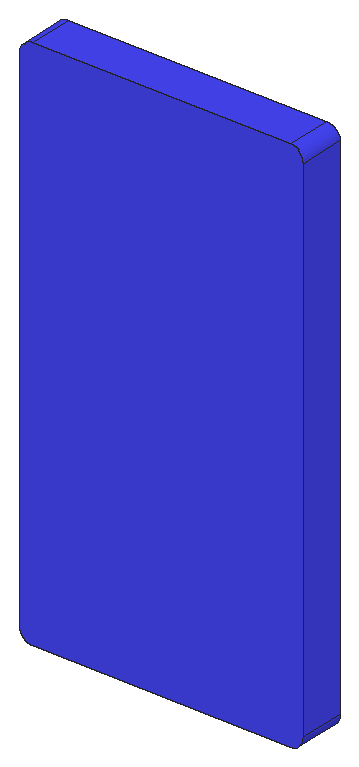
Revit family "Building-IEC309Connections-GEWISS-67IB-INTERLOCKED-SOCKET-OUTLETS_IP67_WITHOUT_BOTTOM_63A_FUS", category Apparecchi elettrici, host Muro, Revit 2016
Family settings
  Host = Muro
  Mantenere orientamento annotazione = Sì
  Tipo di parte = Normale
  Quota connettore circolare = Usa diametro
  Numero OmniClass = 23.80.50.14
  Titolo OmniClass = Plug Connectors
  Sempre verticale = Sì
  Taglio con vuoti quando caricato = No
  Condiviso = No
  Punto di calcolo locali = No
Parameters (values of type "GW66355N - 63A 3P+N+E 500V V.INT.SOCK.O.N.B.7H CBF")
  Working temperature = "-25 ÷ +40 °C"
  With back-mounting box = "No"
  Weight (kg) = "Max. 2.2 Kg"
  Weight = "Max. 2.2 Kg"
  Vista di pianta [instance] = yes
  Vetro = GEWISS - vetro
  Version file RFA = "18.0"
  URL = "https://www.gewiss.com/ww/en"
  Typology = "Vertical"
  Type of fuse = "Ø 22x58 mm"
  Tipo Simbolo = PRESAINDPFUS : 3P
  Thermo-pressure with ball = "125 °C"
  Technical sheet = "https://www.gewiss.com/ww/en/search?q=GW66355N"
  Struttura frontale = GEWISS -BLU
  Struttura = GEWISS - Grigio RAL - 7035
  Simbolo [instance] = yes
  Shock resistance = "IK08"
  SEO = "Socket outlet"
  Reference h = "7"
  Realized by GEWISS S.p.A. = ""
  Rated voltage: = "480 - 500 V"
  Rated voltage = "480 - 500 V"
  Rated short-circuit current (Icc) = "10KA"
  Rated insulation voltage (Ui) = "500V"
  Rated impulse withstand voltage = "4KV"
  Rated frequency (Hz) = "50/60 Hz"
  Rated current (In) = "63"
  Rated current (A) = "63"
  Protection = "Fuse-holder base (CBF)"
  Produttore = "GEWISS S.p.A."
  Presa = GEWISS - NERO
  Potenza = 500 V
  Operating temperature: = "-25 +40 °C"
  Numero poli = 3
  Number of poles = "3P+N+E"
  No. of poles = "3P+N+E"
  Modello = "GW66355N"
  Immagine tipo = GW66354N.jpg
  IP degree = "IP67"
  IFC.TypeObject = ""
  IFC.ExportType = ""
  IFC.ExportAs = ""
  IDT = "4db8474b-84e3-4347-92c1-42259bd8bc9a"
  IDF = "17539d88-40d3-4220-808a-0c55cd6dcccb"
  IB socket outlet rated current (In) = "48A"
  Glow wire test: = "850 °C"
  Glow Wire Test = "850 °C"
  Fuse breacking capacity = "> 50 kA"
  Frequency = "50/60 Hz"
  Electrocod = "2222"
  EAN code = "8011564742109"
  Distanza orizzontale del simbolo [instance] = 0 mm
  Distanza dal muro [instance] = 20 mm
  Descrizione = "63A 3P+N+E 500V V.INT.SOCK.O.N.B.7H CBF"
  Cornice simbolo [instance] = yes
  Colour: = "Black"
  Colour = "Black"
  Classificazione carico = Altro
  Catalogue Range = "67 IB"
  Catalogue = "BUILDING"
  Carico apparente = 0 VA
  COBie.Tagnumber = ""
  COBie.CreatedOn = ""
  COBie.CreatebBy = ""
  COBie.ComponentRegisterItemID = ""
  COBie.Component.TagNumber = ""
  COBie.Component.Space = ""
  COBie.Component.SerialNumber = ""
  COBie.Component.InstallationDate = ""
  COBie.Component.Description = ""
  COBie.Component.BarCode = ""
  Altezza da terra = 1111.728 mm
Reference planes
  plane 1 "Muro": y = 0
  plane 2 "Centro (Sinistra/Destra)": x = 125
  plane 3 "Indietro": y = 75
  plane 4: z = 1111.728
  plane 5: x = 125
Lines and regions (mm)
  Masking region 1, visible <- "Vista di pianta"
    outline origin (0, -30, 0) x (1, 0, 0) y (0, 1, 0)
      loop
        line (78.101, 137.709) -> (78.101, 130.821) -> (171.899, 130.821) -> (171.899, 137.709) -> (78.101, 137.709)
      loop
        line (56.116, 126.991) -> (56.116, 105) -> (193.884, 105) -> (193.884, 126.991) -> (56.116, 126.991)
  Masking region 2, visible <- "Vista di pianta"
    outline origin (0, -30, 0) x (1, 0, 0) y (0, 1, 0)
      loop
        line (87.653, 126.991) -> (165, 126.991) -> (165, 130.821) -> (87.653, 130.821) -> (87.653, 126.991)
  Masking region 3
    outline origin (125, -30, 0) x (0, 1, 0) y (0, 0, 1)
      loop
        line (137.709, 1277.029) -> (137.709, 1347.029) -> (126.991, 1347.029) -> (126.991, 1277.029) -> (137.709, 1277.029)
      loop
        line (137.709, 1218.2) -> (126.991, 1218.2) -> (126.991, 1124.403) -> (137.709, 1124.403) -> (137.709, 1218.2)
  Masking region 4
    outline origin (125, -30, 0) x (0, 1, 0) y (0, 0, 1)
      loop
        line (105, 1115.344) -> (126.991, 1115.344) -> (126.991, 1377.912) -> (105, 1377.912) -> (105, 1115.344)
Text (mm)
  text "Lato posizionamento" at (-1848.837, 1116.779, 0), in view "Livello rif."
  text "Lato posizionamento" at (0, 1409.804, 2854.306), in view "Sinistra"
  text "Lato posizionamento" at (0, 499.811, 2980.732), in view "Destra"
Dimensions and locks
  locked: plane 3 "Indietro" to host wall
  "Altezza da terra": level to plane 4
  plane 4 to nested 1 = 269.8 mm
  nested 1 to nested 1 = 145 mm
  "Distanza orizzontale del simbolo": plane 5 to plane 2 "Centro (Sinistra/Destra)"
  aligned and locked: plane 1 "Muro" to host wall
  aligned and locked: plane 4 to nested 1
  aligned and locked: nested 2 to plane 5
  aligned and locked: plane 4 to nested 3
  aligned and locked: plane 2 "Centro (Sinistra/Destra)" to nested 3
  aligned and locked: plane 3 "Indietro" to nested 1
Automatic sketch dimensions
  host wall to Masking region 1 sketch curve = 0 mm
  Masking region 1 sketch curve to plane 2 "Centro (Sinistra/Destra)" = 68.884 mm
  Masking region 1 sketch curve to Masking region 1 sketch curve = 21.986 mm  (x2)
  plane 2 "Centro (Sinistra/Destra)" to Masking region 1 sketch curve = 46.899 mm
  Masking region 1 sketch curve to Masking region 1 sketch curve = 21.991 mm
  Masking region 1 sketch curve to Masking region 1 sketch curve = 3.83 mm
  Masking region 1 sketch curve to Masking region 1 sketch curve = 6.888 mm
  Masking region 2 sketch curve to plane 2 "Centro (Sinistra/Destra)" = 37.347 mm
  plane 2 "Centro (Sinistra/Destra)" to Masking region 2 sketch curve = 40 mm
  Masking region 2 sketch curve to Masking region 2 sketch curve = 3.83 mm
  host wall to Masking region 3 sketch curve = 21.991 mm  (x2)
  Masking region 3 sketch curve to Masking region 3 sketch curve = 10.718 mm  (x2)
  plane 4 to Masking region 3 sketch curve = 12.674 mm
  Masking region 3 sketch curve to Masking region 3 sketch curve = 93.797 mm
  Masking region 3 sketch curve to Masking region 3 sketch curve = 58.829 mm
  Masking region 3 sketch curve to Masking region 3 sketch curve = 70 mm
  host wall to Masking region 4 sketch curve = 0 mm
  Masking region 4 sketch curve to Masking region 4 sketch curve = 21.991 mm
  plane 4 to Masking region 4 sketch curve = 3.616 mm
  Masking region 4 sketch curve to Masking region 4 sketch curve = 262.568 mm
  host wall to Masking region 2 sketch curve = 21.991 mm
Nested families
  nested 1: "IB PRESE INTERBLOC" at (125, 45, 841.928) x (-1, 0, 0) z (0, 0, 1), type "IB PRESE INTERBLOC"
  nested 2: "PRESAINDPFUS" at (125, -325, 0), Distanza dal muro <- "Distanza dal muro", BORDO ACCESO <- "Cornice simbolo", SIMBOLO ACCESO <- "Simbolo", type <- "Tipo Simbolo", type "3P"
    with SIMBOLO ACCESO yes, Distanza dal muro 20 mm, BORDO ACCESO yes
  nested 3: "2D - IB PRESE INTERBLOC VERT 63A + PORTAFUS IP67" at (125, 0, 1111.728) x (-1, 0, 0) z (0, -1, 0), type "BIDIMENSIONALE"
Connectors
  electrical at (125, 90, 1111.728), driven by "Numero poli", driven by "Classificazione carico", driven by "Potenza", driven by "Carico apparente"
    settings: on nested 1, index 1, voltage 500 V, apparent load 0 VA, apparent load phase1 0 VA, apparent load phase2 0 VA, apparent load phase3 0 VA, power factor 1, load classification "Altro", number of poles 3, system type 31, power factor state 1, is connector primary yes, connector utility no, sub classification motor no, connector description ""
Definition of nested family "IB PRESE INTERBLOC"
  Parameters (values of type "IB PRESE INTERBLOC")
    Vetro = none
    Struttura frontale = none
    Struttura = none
    Spessore = 30 mm
    Default Elevation = 14 mm
    Presa = none
    Lunghezza = 145 mm
    IFC.TypeObject = ""
    IFC.ExportType = ""
    IFC.ExportAs = ""
    H_da terra = 269.8 mm
    COBie.CreatedOn = ""
    COBie.CreatebBy = ""
    COBie.ComponentRegisterItemID = ""
    COBie.Component.TagNumber = ""
    COBie.Component.Space = ""
    COBie.Component.SerialNumber = ""
    COBie.Component.InstallationDate = ""
    COBie.Component.Description = ""
    COBie.Component.BarCode = ""
    Altezza = 269.8 mm
  Reference planes
    plane 1 "Centro (Fronte/Retro)": y = 0
    plane 2: z = 0
    plane 3 "Centro (Sinistra/Destra)": x = 0
    plane 4: y = -30
    plane 5: x = -72.5
    plane 6: x = 72.5
    plane 7: z = 269.8
    plane 8: z = 539.6
    plane 9: x = -68.884
    plane 10: x = 68.884
    plane 11: z = 535.984
    plane 12: z = 273.416
    plane 13: y = -32
    plane 14: y = -42.675
    plane 15: y = -52.991
    plane 16: y = -51.991
  Forms (mm)
    Extrusion 1, solid, material <- "Struttura"
      sketch origin (0, 0, 0) x (1, 0, 0) y (0, 0, 1)
        loop
          line (-21.408, 374.665) -> (-32.003, 374.665)
          spline (-32.003, 374.665) -> (-33.047, 374.598) -> (-34.073, 374.397) -> (-35.063, 374.065) -> (-36.002, 373.609) -> (-36.871, 373.037) -> (-37.658, 372.357) -> (-38.347, 371.583) -> (-38.929, 370.726) -> (-39.391, 369.801) -> (-39.728, 368.826) -> (-39.932, 367.815) -> (-40, 366.787)
          line (-40, 366.787) -> (-40, 298.037)
          spline (-40, 298.037) -> (-39.932, 297.008) -> (-39.728, 295.997) -> (-39.391, 295.022) -> (-38.929, 294.097) -> (-38.347, 293.24) -> (-37.658, 292.466) -> (-36.871, 291.786) -> (-36.002, 291.214) -> (-35.063, 290.758) -> (-34.073, 290.427) -> (-33.047, 290.225) -> (-32.003, 290.158)
          line (-32.003, 290.158) -> (-21, 290.158) -> (29.35, 290.158)
          spline (29.35, 290.158) -> (30.394, 290.225) -> (31.42, 290.427) -> (32.411, 290.758) -> (33.349, 291.214) -> (34.218, 291.786) -> (35.005, 292.466) -> (35.695, 293.24) -> (36.276, 294.097) -> (36.738, 295.022) -> (37.075, 295.997) -> (37.279, 297.008) -> (37.347, 298.037)
          line (37.347, 298.037) -> (37.347, 366.787)
          spline (37.347, 366.787) -> (37.279, 367.815) -> (37.075, 368.826) -> (36.738, 369.801) -> (36.276, 370.726) -> (35.695, 371.583) -> (35.005, 372.357) -> (34.218, 373.037) -> (33.349, 373.609) -> (32.411, 374.065) -> (31.42, 374.397) -> (30.394, 374.598) -> (29.35, 374.665)
          line (29.35, 374.665) -> (-21.408, 374.665)
      from 51.991 to 55.821
    Extrusion 2, solid, material <- "Presa"
      sketch origin (0, 0, 0) x (1, 0, 0) y (0, 0, 1)
        loop
          circle (0, 329.373) r 46.899
      from 55.821 to 62.709
    Extrusion 3, solid, material <- "Struttura"
      sketch origin (0, 0, -15) x (1, 0, 0) y (0, 0, 1)
        loop
          circle (0, 485.1) r 35
        loop
          circle (0, 485.1) r 30
      from 51.991 to 62.709
    Extrusion 4, solid, material <- "Struttura frontale"
      sketch origin (0, 0, 0) x (1, 0, 0) y (0, 0, 1)
        loop
          arc (68.884, 529.678) -> (67.037, 534.137) -> (62.578, 535.984) r 6.306
          line (62.578, 535.984) -> (-62.578, 535.984)
          arc (-62.578, 535.984) -> (-67.037, 534.137) -> (-68.884, 529.678) r 6.306
          line (-68.884, 529.678) -> (-68.884, 279.931)
          arc (-68.884, 279.931) -> (-66.976, 275.324) -> (-62.369, 273.416) r 6.515
          line (-62.369, 273.416) -> (62.369, 273.416)
          arc (62.369, 273.416) -> (66.976, 275.324) -> (68.884, 279.931) r 6.515
          line (68.884, 279.931) -> (68.884, 529.678)
      from 30 to 51.991
    Extrusion 5, solid, material <- "Struttura"
      sketch origin (0, 0, 0) x (1, 0, 0) y (0, 0, 1)
        loop
          arc (-9.963, 471.083) -> (-10.236, 469.705) -> (-10.015, 468.317) r 4.001
          arc (-10.015, 468.317) -> (-9.857, 467.856) -> (-9.704, 467.394) r 53.759
          arc (-9.704, 467.394) -> (-7.693, 459.075) -> (-7.017, 450.544) r 54.183
          line (-7.017, 450.544) -> (-7.017, 442.035)
          spline (-7.017, 442.035) -> (-7.011, 441.922) -> (-6.992, 441.811) -> (-6.96, 441.703) -> (-6.917, 441.598) -> (-6.862, 441.5) -> (-6.796, 441.408) -> (-6.72, 441.324) -> (-6.635, 441.249) -> (-6.543, 441.185) -> (-6.443, 441.131) -> (-6.339, 441.088) -> (-6.23, 441.058)
          arc (-6.23, 441.058) -> (0, 440.389) -> (6.229, 441.058) r 29.316
          spline (6.229, 441.058) -> (6.338, 441.088) -> (6.443, 441.131) -> (6.542, 441.185) -> (6.634, 441.249) -> (6.719, 441.324) -> (6.795, 441.408) -> (6.861, 441.5) -> (6.916, 441.598) -> (6.959, 441.703) -> (6.991, 441.811) -> (7.01, 441.922) -> (7.016, 442.035)
          line (7.016, 442.035) -> (7.016, 450.535)
          arc (7.016, 450.535) -> (7.692, 459.068) -> (9.704, 467.389) r 54.184
          arc (9.704, 467.389) -> (9.858, 467.853) -> (10.016, 468.315) r 53.759
          arc (10.016, 468.315) -> (10.237, 469.703) -> (9.965, 471.082) r 4.002
          arc (9.965, 471.082) -> (6.667, 482.627) -> (5.575, 494.585) r 64.271
          line (5.575, 494.585) -> (5.607, 501.191)
          arc (5.607, 501.191) -> (5.346, 501.852) -> (4.711, 502.172) r 1
          arc (4.711, 502.172) -> (2.359, 502.356) -> (0, 502.417) r 45.391
          arc (0, 502.417) -> (-2.359, 502.356) -> (-4.711, 502.172) r 45.391
          arc (-4.711, 502.172) -> (-5.346, 501.852) -> (-5.607, 501.191) r 1
          line (-5.607, 501.191) -> (-5.574, 494.585)
          arc (-5.574, 494.585) -> (-6.667, 482.628) -> (-9.963, 471.083) r 64.271
      from 51.991 to 62.709
    Extrusion 6, solid, material <- "Struttura frontale"
      sketch origin (-187.5, 0, 0) x (1, 0, 0) y (0, 0, 1)
        loop
          line (126.678, 422.927) -> (126.833, 412.422)
          spline (126.833, 412.422) -> (126.86, 412.1) -> (126.928, 411.785) -> (127.037, 411.48) -> (127.186, 411.191) -> (127.371, 410.924) -> (127.59, 410.682) -> (127.839, 410.47) -> (128.113, 410.291) -> (128.408, 410.149) -> (128.719, 410.046) -> (129.04, 409.983) -> (129.367, 409.962)
          line (129.367, 409.962) -> (143.633, 409.962)
          spline (143.633, 409.962) -> (143.96, 409.983) -> (144.281, 410.046) -> (144.592, 410.149) -> (144.887, 410.291) -> (145.161, 410.47) -> (145.41, 410.682) -> (145.629, 410.924) -> (145.814, 411.191) -> (145.963, 411.48) -> (146.072, 411.785) -> (146.14, 412.1) -> (146.167, 412.422)
          line (146.167, 412.422) -> (146.322, 422.927) -> (126.678, 422.927)
        loop
          line (228.678, 422.927) -> (228.833, 412.422)
          spline (228.833, 412.422) -> (228.86, 412.1) -> (228.928, 411.785) -> (229.037, 411.48) -> (229.186, 411.191) -> (229.371, 410.924) -> (229.59, 410.682) -> (229.839, 410.47) -> (230.113, 410.291) -> (230.408, 410.149) -> (230.719, 410.046) -> (231.04, 409.983) -> (231.367, 409.962)
          line (231.367, 409.962) -> (245.633, 409.962)
          spline (245.633, 409.962) -> (245.96, 409.983) -> (246.281, 410.046) -> (246.592, 410.149) -> (246.887, 410.291) -> (247.161, 410.47) -> (247.41, 410.682) -> (247.629, 410.924) -> (247.814, 411.191) -> (247.963, 411.48) -> (248.072, 411.785) -> (248.14, 412.1) -> (248.167, 412.422)
          line (248.167, 412.422) -> (248.322, 422.927) -> (228.678, 422.927)
      from 51.991 to 52.991
  Dimensions and locks
    "H_da terra": plane 7 to level
    "Altezza": plane 8 to plane 7
    equal spacing: plane 5, plane 3 "Centro (Sinistra/Destra)", plane 6
    "Lunghezza": plane 5 to plane 6
    locked: plane 8 to plane 11 at 3.616
    locked: plane 12 to plane 7 at 3.616
    locked: plane 5 to plane 9 at 3.616
    locked: plane 6 to plane 10 at 3.616
    locked: plane 13 to plane 4 at 2
    plane 14 to plane 4 = 12.675 mm
    locked: Extrusion 4 to plane 14 at 9.315
    locked: plane 16 to plane 15 at 1
    aligned and locked: level to plane 2
    aligned and locked: Extrusion 4 sketch curve to plane 10
    aligned and locked: Extrusion 4 sketch curve to plane 9
    aligned and locked: Extrusion 4 sketch curve to plane 12
    aligned and locked: Extrusion 4 sketch curve to plane 11
    aligned and locked: plane 4 to Extrusion 4
    aligned and locked: Extrusion 3 to Extrusion 4
    aligned and locked: Extrusion 3 to Extrusion 2
    aligned and locked: Extrusion 2 to Extrusion 1
    aligned and locked: Extrusion 1 to Extrusion 5
    aligned and locked: Extrusion 5 to Extrusion 2
    aligned and locked: Extrusion 6 to Extrusion 1
    aligned and locked: plane 16 to Extrusion 4
    aligned and locked: Extrusion 6 to plane 15
  Automatic sketch dimensions
    Extrusion 1 sketch curve to plane 9 = 28.884 mm
    Extrusion 1 sketch curve to Extrusion 1 sketch curve = 7.997 mm  (x3)
    Extrusion 1 sketch curve to plane 10 = 39.534 mm  (x2)
    Extrusion 1 sketch curve to plane 12 = 16.742 mm
    Extrusion 1 sketch curve to Extrusion 1 sketch curve = 7.878 mm  (x3)
    Extrusion 1 sketch curve to Extrusion 1 sketch curve = 68.75 mm
    Extrusion 1 sketch curve to Extrusion 1 sketch curve = 0 mm
    Extrusion 1 sketch curve to Extrusion 1 sketch curve = 2.599 mm
    Extrusion 1 sketch curve to Extrusion 1 sketch curve = 3.006 mm
    Extrusion 2 sketch curve to plane 3 "Centro (Sinistra/Destra)" = 0 mm
    Extrusion 2 sketch curve to plane 12 = 55.957 mm
    Extrusion 4 sketch curve to plane 9 = 6.306 mm
    Extrusion 4 sketch curve to plane 9 = 6.515 mm
    Extrusion 4 sketch curve to Extrusion 4 sketch curve = 6.515 mm
    Extrusion 4 sketch curve to Extrusion 4 sketch curve = 6.306 mm
    Extrusion 3 sketch curve to Extrusion 3 sketch curve = 0 mm  (x2)
    Extrusion 3 sketch curve to plane 3 "Centro (Sinistra/Destra)" = 0 mm
    Extrusion 3 sketch curve to plane 11 = 65.884 mm
    Extrusion 5 sketch curve to plane 3 "Centro (Sinistra/Destra)" = 0 mm  (x2)
    Extrusion 5 sketch curve to plane 3 "Centro (Sinistra/Destra)" = 0.003 mm
    Extrusion 5 sketch curve to plane 3 "Centro (Sinistra/Destra)" = 4.607 mm
    Extrusion 5 sketch curve to plane 3 "Centro (Sinistra/Destra)" = 5.574 mm
    Extrusion 5 sketch curve to Extrusion 5 sketch curve = 1 mm  (x4)
    Extrusion 5 sketch curve to plane 3 "Centro (Sinistra/Destra)" = 6.236 mm
    Extrusion 5 sketch curve to plane 3 "Centro (Sinistra/Destra)" = 7.017 mm
    Extrusion 5 sketch curve to plane 9 = 8.087 mm
    Extrusion 5 sketch curve to Extrusion 5 sketch curve = 0.402 mm  (x2)
    plane 9 to Extrusion 5 sketch curve = 0.961 mm
    plane 3 "Centro (Sinistra/Destra)" to Extrusion 5 sketch curve = 0.003 mm
    plane 3 "Centro (Sinistra/Destra)" to Extrusion 5 sketch curve = 4.607 mm
    plane 3 "Centro (Sinistra/Destra)" to Extrusion 5 sketch curve = 5.575 mm
    plane 3 "Centro (Sinistra/Destra)" to Extrusion 5 sketch curve = 6.236 mm
    plane 3 "Centro (Sinistra/Destra)" to Extrusion 5 sketch curve = 7.016 mm
    Extrusion 5 sketch curve to plane 10 = 8.086 mm
    plane 10 to Extrusion 5 sketch curve = 0.962 mm
    Extrusion 5 sketch curve to plane 11 = 93.949 mm
    Extrusion 5 sketch curve to Extrusion 5 sketch curve = 0 mm  (x3)
    Extrusion 5 sketch curve to Extrusion 5 sketch curve = 8.509 mm
    Extrusion 5 sketch curve to Extrusion 5 sketch curve = 8.5 mm
    Extrusion 5 sketch curve to Extrusion 5 sketch curve = 0.132 mm
    Extrusion 5 sketch curve to Extrusion 5 sketch curve = 0.138 mm
    Extrusion 5 sketch curve to Extrusion 5 sketch curve = 6.491 mm
    Extrusion 5 sketch curve to Extrusion 5 sketch curve = 12.604 mm
    Extrusion 5 sketch curve to Extrusion 5 sketch curve = 0.001 mm
    Extrusion 5 sketch curve to Extrusion 5 sketch curve = 0.075 mm
    Extrusion 5 sketch curve to Extrusion 5 sketch curve = 43.754 mm
    Extrusion 5 sketch curve to Extrusion 5 sketch curve = 43.752 mm
    Extrusion 5 sketch curve to Extrusion 5 sketch curve = 24.955 mm
    Extrusion 5 sketch curve to Extrusion 5 sketch curve = 6.593 mm  (x2)
    Extrusion 5 sketch curve to Extrusion 5 sketch curve = 0.013 mm  (x2)
    Extrusion 5 sketch curve to Extrusion 5 sketch curve = 0.104 mm
    Extrusion 5 sketch curve to Extrusion 5 sketch curve = 0.212 mm  (x2)
    Extrusion 5 sketch curve to Extrusion 5 sketch curve = 0.372 mm  (x2)
    Extrusion 5 sketch curve to Extrusion 5 sketch curve = 3.468 mm  (x2)
    Extrusion 5 sketch curve to Extrusion 5 sketch curve = 0.26 mm
    Extrusion 5 sketch curve to Extrusion 5 sketch curve = 0.261 mm
    Extrusion 5 sketch curve to Extrusion 5 sketch curve = 0.977 mm
    Extrusion 6 sketch curve to plane 6 = 133.322 mm
    Extrusion 6 sketch curve to plane 11 = 113.057 mm
    Extrusion 6 sketch curve to Extrusion 6 sketch curve = 0.156 mm  (x2)
    Extrusion 6 sketch curve to Extrusion 6 sketch curve = 19.645 mm  (x2)
    Extrusion 6 sketch curve to Extrusion 6 sketch curve = 10.506 mm  (x2)
    Extrusion 6 sketch curve to Extrusion 6 sketch curve = 2.503 mm
    Extrusion 6 sketch curve to Extrusion 6 sketch curve = 0.03 mm  (x4)
    Extrusion 6 sketch curve to Extrusion 6 sketch curve = 2.367 mm  (x3)
    Extrusion 6 sketch curve to Extrusion 6 sketch curve = 0.826 mm
    Extrusion 6 sketch curve to Extrusion 6 sketch curve = 11.93 mm
    Extrusion 6 sketch curve to Extrusion 6 sketch curve = 1.635 mm
    Extrusion 6 sketch curve to Extrusion 6 sketch curve = 0 mm  (x4)
    Extrusion 6 sketch curve to Extrusion 6 sketch curve = 0.137 mm  (x2)
    Extrusion 6 sketch curve to Extrusion 6 sketch curve = 2.46 mm  (x3)
    Extrusion 6 sketch curve to Extrusion 6 sketch curve = 102 mm
    Extrusion 6 sketch curve to Extrusion 6 sketch curve = 2.533 mm  (x2)
    Extrusion 6 sketch curve to Extrusion 6 sketch curve = 2.689 mm
    radius of Extrusion 2 sketch curve = 46.899 mm
    radius of Extrusion 3 sketch curve = 35 mm
    radius of Extrusion 3 sketch curve = 30 mm
Definition of nested family "PRESAINDPFUS"
  Parameters (values of type "2P")
    SIMBOLO ACCESO [instance] = yes
    SIMBOLO = PRESAINDPFUS_BASE : 2P
    Distanza dal muro [instance] = 0 mm
    BORDO ACCESO [instance] = yes
  Types (2, lengths in mm): name | SIMBOLO
    2P | PRESAINDPFUS_BASE : 2P
    3P | PRESAINDPFUS_BASE : 3P
  Reference planes
    plane 1: y = 0
    plane 2: x = 0
  Dimensions and locks
    "Distanza dal muro": plane 1 to nested 1
    aligned and locked: plane 2 to nested 1
  Nested families
    nested 1: "PRESAINDPFUS_BASE" at (0, 0, 0), type <- "SIMBOLO", CORNICE SIMBOLO <- "BORDO ACCESO", visible <- "SIMBOLO ACCESO", type "2P"
  Definition of nested family "PRESAINDPFUS_BASE"
    Parameters (values of type "3P")
      CORNICE SIMBOLO [instance] = yes
      3P = yes
    Types (2, lengths in mm): name | 3P
      3P | yes
      2P | no
    Reference planes
      plane 1: y = 0
      plane 2: x = 0
    Lines and regions (mm)
      detail lines, visible <- "CORNICE SIMBOLO"
        curve 1: line (-0.9, 2.3, 0) -> (0.9, 2.3, 0)
        curve 2: line (0.9, 2.3, 0) -> (0.9, 0, 0)
        curve 3: line (0.9, 0, 0) -> (-0.9, 0, 0)
        curve 4: line (-0.9, 0, 0) -> (-0.9, 2.3, 0)
      detail lines, not visible
        curve 5: line (-2.443, 10.208, 0) -> (2.057, 10.208, 0)
        curve 6: line (2.057, 10.208, 0) -> (2.057, 4.208, 0)
        curve 7: line (2.057, 4.208, 0) -> (-2.443, 4.208, 0)
        curve 8: line (-2.443, 4.208, 0) -> (-2.443, 10.208, 0)
        curve 9: line (-2.043, 9.808, 0) -> (1.657, 9.808, 0)
        curve 10: line (1.657, 9.808, 0) -> (1.657, 4.608, 0)
        curve 11: line (1.657, 4.608, 0) -> (-2.043, 4.608, 0)
        curve 12: line (-2.043, 4.608, 0) -> (-2.043, 9.808, 0)
      detail lines
        curve 13: line (-0.45, 0.969, 0) -> (-0.167, 0.969, 0)
        curve 14: line (-0.167, 0.969, 0) -> (0.33, 1.829, 0)
        curve 15: line (0.33, 1.829, 0) -> (0.836, 1.536, 0)
        curve 16: line (-0.167, 0.969, 0) -> (-0.45, 0.478, 0)
        curve 17: line (-0.45, 0.478, 0) -> (-0.45, 2.241, 0)
        curve 18: line (0.135, 1.491, 0) -> (0.641, 1.199, 0)
        curve 19: line (-0.84, 0.478, 0) -> (-0.06, 0.478, 0)
        curve 20: line (-0.45, 0.852, 0) -> (-0.333, 0.969, 0)
        curve 21: line (-0.45, 0.783, 0) -> (-0.264, 0.969, 0)
        curve 22: line (-0.45, 0.714, 0) -> (-0.195, 0.969, 0)
        curve 23: line (-0.45, 0.645, 0) -> (-0.223, 0.872, 0)
        curve 24: line (-0.45, 0.576, 0) -> (-0.317, 0.709, 0)
        curve 26: arc (-0.84, 0.089, 0) -> (-0.45, 0.478, 0) -> (-0.06, 0.089, 0) r 0.39
        curve 27: line (-0.608, 1.143, 0) -> (-0.608, 1.964, 0)
        curve 28: line (-0.608, 1.964, 0) -> (-0.292, 1.964, 0)
        curve 29: line (-0.292, 1.964, 0) -> (-0.292, 1.143, 0)
        curve 30: line (-0.292, 1.143, 0) -> (-0.608, 1.143, 0)
      detail lines, visible <- "3P"
        curve 25: line (-0.06, 1.154, 0) -> (0.446, 0.861, 0)
Definition of nested family "2D - IB PRESE INTERBLOC VERT 63A + PORTAFUS IP67"
  Reference planes
    plane 1 "Centro (Fronte/Retro)": y = 0
    plane 2: z = 0
    plane 3 "Centro (Sinistra/Destra)": x = 0
  Lines and regions (mm)
    model lines, in view "Livello rif."
      curve 1: line (-51.107, 115.534, 0) -> (-51.107, 90.518, 0)
      curve 2: line (-13.3, 65.007, 0) -> (13.306, 65.007, 0)
      curve 3: spline (51.107, 115.534, 0) -> (51.028, 116.714, 0) -> (50.793, 117.874, 0) -> (50.404, 118.994, 0) -> (49.869, 120.055, 0) -> (49.198, 121.039, 0) -> (48.401, 121.928, 0) -> (47.492, 122.708, 0) -> (46.487, 123.365, 0) -> (45.403, 123.888, 0) -> (44.259, 124.268, 0) -> (43.073, 124.499, 0) -> (41.867, 124.576, 0)
      curve 4: spline (-41.877, 124.576, 0) -> (-43.083, 124.498, 0) -> (-44.267, 124.266, 0) -> (-45.41, 123.885, 0) -> (-46.493, 123.362, 0) -> (-47.497, 122.704, 0) -> (-48.404, 121.924, 0) -> (-49.2, 121.035, 0) -> (-49.871, 120.052, 0) -> (-50.405, 118.992, 0) -> (-50.793, 117.873, 0) -> (-51.028, 116.713, 0) -> (-51.107, 115.534, 0)
      curve 5: spline (-56.595, 57.387, 0) -> (-54.666, 43.793, 0) -> (-49.012, 31.126, 0) -> (-40.018, 20.248, 0) -> (-28.297, 11.901, 0) -> (-14.647, 6.654, 0) -> (0.001, 4.865, 0) -> (14.648, 6.655, 0) -> (28.298, 11.902, 0) -> (40.019, 20.249, 0) -> (49.013, 31.127, 0) -> (54.667, 43.794, 0) -> (56.595, 57.388, 0) -> (54.666, 70.982, 0) -> (49.012, 83.649, 0) -> (40.018, 94.527, 0) -> (28.297, 102.874, 0) -> (14.647, 108.121, 0) -> (-0.001, 109.91, 0) -> (-14.648, 108.12, 0) -> (-28.298, 102.873, 0) -> (-40.019, 94.526, 0) -> (-49.013, 83.648, 0) -> (-54.667, 70.981, 0) -> (-56.595, 57.387, 0)
      curve 6: arc (6.31, 44.538, 0) -> (9.796, 44.596, 0) -> (13.282, 44.683, 0) r 420.797
      curve 7: line (19.056, 124.576, 0) -> (41.867, 124.576, 0)
      curve 8: line (-41.877, 124.576, 0) -> (-19.059, 124.576, 0)
      curve 9: line (13.282, 44.683, 0) -> (13.585, 44.733, 0)
      curve 10: line (13.585, 44.733, 0) -> (13.74, 44.788, 0)
      curve 11: line (13.74, 44.788, 0) -> (13.892, 44.866, 0)
      curve 12: line (13.892, 44.866, 0) -> (14.123, 45.045, 0)
      curve 13: line (14.123, 45.045, 0) -> (14.304, 45.279, 0)
      curve 14: line (14.304, 45.279, 0) -> (14.406, 45.526, 0)
      curve 15: line (14.406, 45.526, 0) -> (14.437, 45.765, 0)
      curve 16: line (-14.438, 45.772, 0) -> (-14.407, 45.531, 0)
      curve 17: line (-14.407, 45.531, 0) -> (-14.31, 45.29, 0)
      curve 18: line (-14.31, 45.29, 0) -> (-14.132, 45.053, 0)
      curve 19: line (-14.132, 45.053, 0) -> (-13.901, 44.871, 0)
      curve 20: line (-13.901, 44.871, 0) -> (-13.746, 44.79, 0)
      curve 21: line (-13.746, 44.79, 0) -> (-13.589, 44.733, 0)
      curve 22: line (-13.589, 44.733, 0) -> (-13.282, 44.683, 0)
      curve 23: line (-13.282, 44.683, 0) -> (-7.223, 44.55, 0)
      curve 24: line (-7.223, 44.55, 0) -> (-2.686, 44.505, 0)
      curve 25: line (-2.686, 44.505, 0) -> (3.695, 44.505, 0)
      curve 26: line (3.695, 44.505, 0) -> (6.31, 44.538, 0)
      curve 27: arc (19.056, 132.003, 0) -> (18.717, 132.82, 0) -> (17.901, 133.158, 0) r 1.155
      curve 28: arc (-17.904, 133.157, 0) -> (-18.721, 132.819, 0) -> (-19.059, 132.002, 0) r 1.155
      curve 29: spline (-51.109, 21.759, 0) -> (-51.029, 20.568, 0) -> (-50.792, 19.398, 0) -> (-50.401, 18.268, 0) -> (-49.863, 17.199, 0) -> (-49.187, 16.208, 0) -> (-48.385, 15.313, 0) -> (-47.471, 14.529, 0) -> (-46.461, 13.869, 0) -> (-45.371, 13.345, 0) -> (-44.221, 12.966, 0) -> (-43.03, 12.739, 0) -> (-41.82, 12.667, 0)
      curve 30: spline (41.861, 12.667, 0) -> (43.066, 12.744, 0) -> (44.251, 12.976, 0) -> (45.396, 13.358, 0) -> (46.479, 13.884, 0) -> (47.484, 14.544, 0) -> (48.393, 15.328, 0) -> (49.19, 16.222, 0) -> (49.861, 17.21, 0) -> (50.396, 18.276, 0) -> (50.785, 19.402, 0) -> (51.021, 20.568, 0) -> (51.1, 21.754, 0)
      curve 31: spline (-36.96, 56.355, 0) -> (-35.701, 47.478, 0) -> (-32.008, 39.205, 0) -> (-26.135, 32.101, 0) -> (-18.48, 26.65, 0) -> (-9.566, 23.223, 0) -> (0, 22.055, 0) -> (9.566, 23.223, 0) -> (18.48, 26.65, 0) -> (26.134, 32.101, 0) -> (32.008, 39.205, 0) -> (35.701, 47.477, 0) -> (36.96, 56.355, 0)
      curve 32: spline (36.96, 56.354, 0) -> (36.411, 62.244, 0) -> (34.781, 67.959, 0) -> (32.117, 73.329, 0) -> (28.499, 78.195, 0) -> (24.035, 82.413, 0) -> (18.856, 85.856, 0) -> (13.118, 88.422, 0) -> (6.99, 90.037, 0) -> (0.654, 90.65, 0) -> (-5.702, 90.245, 0) -> (-11.888, 88.833, 0) -> (-17.72, 86.456, 0)
      curve 33: spline (-17.72, 86.456, 0) -> (-20.54, 84.871, 0) -> (-23.197, 83.059, 0) -> (-25.668, 81.034, 0) -> (-27.936, 78.813, 0) -> (-29.981, 76.414, 0) -> (-31.788, 73.854, 0) -> (-33.342, 71.156, 0) -> (-34.631, 68.34, 0) -> (-35.644, 65.428, 0) -> (-36.373, 62.444, 0) -> (-36.813, 59.412, 0) -> (-36.96, 56.355, 0)
      curve 34: spline (40.805, 19.833, 0) -> (40.81, 19.838, 0) -> (40.815, 19.843, 0) -> (40.819, 19.849, 0) -> (40.823, 19.856, 0) -> (40.826, 19.862, 0) -> (40.829, 19.87, 0) -> (40.831, 19.877, 0) -> (40.833, 19.885, 0) -> (40.834, 19.894, 0) -> (40.836, 19.903, 0) -> (40.836, 19.912, 0) -> (40.836, 19.922, 0)
      curve 35: spline (40.183, 20.106, 0) -> (40.255, 20.049, 0) -> (40.325, 19.997, 0) -> (40.393, 19.951, 0) -> (40.457, 19.91, 0) -> (40.518, 19.876, 0) -> (40.575, 19.849, 0) -> (40.627, 19.828, 0) -> (40.674, 19.815, 0) -> (40.716, 19.809, 0) -> (40.752, 19.81, 0) -> (40.782, 19.818, 0) -> (40.805, 19.833, 0)
      curve 36: spline (40.183, 20.106, 0) -> (41.05, 20.929, 0) -> (41.897, 21.769, 0) -> (42.725, 22.625, 0) -> (43.532, 23.499, 0) -> (44.319, 24.388, 0) -> (45.084, 25.293, 0) -> (45.828, 26.213, 0) -> (46.55, 27.149, 0) -> (47.25, 28.098, 0) -> (47.927, 29.062, 0) -> (48.582, 30.039, 0) -> (49.213, 31.029, 0)
      curve 37: spline (49.213, 31.029, 0) -> (49.308, 30.989, 0) -> (49.399, 30.954, 0) -> (49.487, 30.925, 0) -> (49.57, 30.902, 0) -> (49.648, 30.885, 0) -> (49.72, 30.874, 0) -> (49.786, 30.87, 0) -> (49.844, 30.873, 0) -> (49.894, 30.882, 0) -> (49.936, 30.897, 0) -> (49.969, 30.919, 0) -> (49.993, 30.946, 0)
      curve 38: spline (54.89, 43.748, 0) -> (55.004, 43.731, 0) -> (55.114, 43.72, 0) -> (55.219, 43.714, 0) -> (55.318, 43.714, 0) -> (55.41, 43.72, 0) -> (55.493, 43.731, 0) -> (55.568, 43.747, 0) -> (55.632, 43.769, 0) -> (55.686, 43.796, 0) -> (55.728, 43.828, 0) -> (55.758, 43.865, 0) -> (55.777, 43.905, 0)
      curve 39: spline (54.89, 43.748, 0) -> (55.198, 44.863, 0) -> (55.479, 45.983, 0) -> (55.734, 47.109, 0) -> (55.963, 48.24, 0) -> (56.165, 49.375, 0) -> (56.34, 50.514, 0) -> (56.488, 51.656, 0) -> (56.61, 52.801, 0) -> (56.704, 53.948, 0) -> (56.772, 55.097, 0) -> (56.812, 56.247, 0) -> (56.826, 57.398, 0)
      curve 40: spline (56.826, 57.398, 0) -> (56.953, 57.41, 0) -> (57.076, 57.428, 0) -> (57.192, 57.451, 0) -> (57.301, 57.479, 0) -> (57.401, 57.511, 0) -> (57.49, 57.547, 0) -> (57.567, 57.587, 0) -> (57.632, 57.629, 0) -> (57.683, 57.675, 0) -> (57.72, 57.722, 0) -> (57.742, 57.77, 0) -> (57.75, 57.819, 0)
      curve 41: spline (54.889, 71.047, 0) -> (55.013, 71.09, 0) -> (55.132, 71.138, 0) -> (55.245, 71.189, 0) -> (55.351, 71.243, 0) -> (55.447, 71.3, 0) -> (55.533, 71.358, 0) -> (55.608, 71.417, 0) -> (55.67, 71.475, 0) -> (55.719, 71.533, 0) -> (55.755, 71.589, 0) -> (55.776, 71.643, 0) -> (55.782, 71.694, 0)
      curve 42: spline (54.889, 71.047, 0) -> (54.555, 72.155, 0) -> (54.195, 73.256, 0) -> (53.81, 74.349, 0) -> (53.398, 75.435, 0) -> (52.962, 76.511, 0) -> (52.5, 77.579, 0) -> (52.013, 78.637, 0) -> (51.501, 79.685, 0) -> (50.965, 80.722, 0) -> (50.405, 81.749, 0) -> (49.82, 82.763, 0) -> (49.212, 83.766, 0)
      curve 43: spline (49.212, 83.766, 0) -> (49.322, 83.838, 0) -> (49.429, 83.912, 0) -> (49.529, 83.989, 0) -> (49.624, 84.067, 0) -> (49.71, 84.146, 0) -> (49.787, 84.223, 0) -> (49.854, 84.299, 0) -> (49.91, 84.372, 0) -> (49.954, 84.441, 0) -> (49.986, 84.505, 0) -> (50.006, 84.564, 0) -> (50.012, 84.616, 0)
      curve 44: spline (40.181, 94.688, 0) -> (40.272, 94.785, 0) -> (40.359, 94.884, 0) -> (40.442, 94.984, 0) -> (40.519, 95.084, 0) -> (40.59, 95.182, 0) -> (40.653, 95.277, 0) -> (40.708, 95.368, 0) -> (40.753, 95.454, 0) -> (40.789, 95.533, 0) -> (40.815, 95.604, 0) -> (40.83, 95.667, 0) -> (40.834, 95.72, 0)
      curve 45: spline (40.181, 94.688, 0) -> (39.295, 95.492, 0) -> (38.39, 96.279, 0) -> (37.467, 97.047, 0) -> (36.526, 97.796, 0) -> (35.568, 98.526, 0) -> (34.592, 99.236, 0) -> (33.601, 99.926, 0) -> (32.593, 100.597, 0) -> (31.57, 101.246, 0) -> (30.531, 101.875, 0) -> (29.479, 102.482, 0) -> (28.412, 103.068, 0)
      curve 46: spline (28.412, 103.068, 0) -> (28.475, 103.183, 0) -> (28.537, 103.3, 0) -> (28.595, 103.416, 0) -> (28.649, 103.531, 0) -> (28.699, 103.644, 0) -> (28.744, 103.751, 0) -> (28.782, 103.853, 0) -> (28.815, 103.948, 0) -> (28.84, 104.034, 0) -> (28.859, 104.111, 0) -> (28.87, 104.178, 0) -> (28.874, 104.233, 0)
      curve 47: spline (14.706, 108.337, 0) -> (14.74, 108.465, 0) -> (14.772, 108.595, 0) -> (14.802, 108.724, 0) -> (14.831, 108.85, 0) -> (14.857, 108.973, 0) -> (14.88, 109.09, 0) -> (14.9, 109.2, 0) -> (14.916, 109.301, 0) -> (14.929, 109.392, 0) -> (14.939, 109.472, 0) -> (14.944, 109.54, 0) -> (14.945, 109.594, 0)
      curve 48: spline (14.706, 108.337, 0) -> (13.505, 108.622, 0) -> (12.298, 108.883, 0) -> (11.085, 109.12, 0) -> (9.866, 109.332, 0) -> (8.643, 109.52, 0) -> (7.416, 109.682, 0) -> (6.185, 109.82, 0) -> (4.951, 109.933, 0) -> (3.715, 110.02, 0) -> (2.477, 110.083, 0) -> (1.238, 110.121, 0) -> (-0.001, 110.133, 0)
      curve 49: spline (-14.948, 109.586, 0) -> (-14.946, 109.53, 0) -> (-14.94, 109.461, 0) -> (-14.931, 109.381, 0) -> (-14.918, 109.29, 0) -> (-14.901, 109.189, 0) -> (-14.881, 109.08, 0) -> (-14.858, 108.964, 0) -> (-14.832, 108.843, 0) -> (-14.804, 108.718, 0) -> (-14.774, 108.59, 0) -> (-14.742, 108.463, 0) -> (-14.709, 108.336, 0)
      curve 50: spline (-14.709, 108.336, 0) -> (-15.903, 108.026, 0) -> (-17.089, 107.692, 0) -> (-18.267, 107.334, 0) -> (-19.437, 106.952, 0) -> (-20.597, 106.547, 0) -> (-21.748, 106.118, 0) -> (-22.888, 105.666, 0) -> (-24.017, 105.192, 0) -> (-25.135, 104.694, 0) -> (-26.241, 104.174, 0) -> (-27.334, 103.631, 0) -> (-28.414, 103.067, 0)
      curve 51: spline (14.709, 6.457, 0) -> (15.903, 6.766, 0) -> (17.089, 7.1, 0) -> (18.267, 7.458, 0) -> (19.437, 7.84, 0) -> (20.597, 8.245, 0) -> (21.748, 8.674, 0) -> (22.888, 9.126, 0) -> (24.017, 9.601, 0) -> (25.135, 10.098, 0) -> (26.241, 10.619, 0) -> (27.334, 11.161, 0) -> (28.414, 11.725, 0)
      curve 52: spline (28.414, 11.725, 0) -> (28.463, 11.657, 0) -> (28.51, 11.593, 0) -> (28.555, 11.535, 0) -> (28.599, 11.483, 0) -> (28.64, 11.437, 0) -> (28.679, 11.397, 0) -> (28.715, 11.365, 0) -> (28.748, 11.34, 0) -> (28.778, 11.322, 0) -> (28.804, 11.312, 0) -> (28.826, 11.309, 0) -> (28.844, 11.314, 0)
      curve 53: spline (-28.876, 104.231, 0) -> (-28.872, 104.176, 0) -> (-28.861, 104.11, 0) -> (-28.843, 104.033, 0) -> (-28.817, 103.947, 0) -> (-28.785, 103.852, 0) -> (-28.746, 103.75, 0) -> (-28.702, 103.642, 0) -> (-28.652, 103.53, 0) -> (-28.597, 103.415, 0) -> (-28.539, 103.298, 0) -> (-28.478, 103.182, 0) -> (-28.414, 103.067, 0)
      curve 54: spline (-40.836, 95.714, 0) -> (-40.831, 95.66, 0) -> (-40.815, 95.597, 0) -> (-40.789, 95.525, 0) -> (-40.753, 95.447, 0) -> (-40.707, 95.361, 0) -> (-40.652, 95.271, 0) -> (-40.589, 95.176, 0) -> (-40.519, 95.079, 0) -> (-40.442, 94.98, 0) -> (-40.36, 94.88, 0) -> (-40.273, 94.782, 0) -> (-40.183, 94.686, 0)
      curve 55: spline (-40.183, 94.686, 0) -> (-41.05, 93.864, 0) -> (-41.897, 93.024, 0) -> (-42.725, 92.167, 0) -> (-43.532, 91.294, 0) -> (-44.319, 90.404, 0) -> (-45.084, 89.499, 0) -> (-45.828, 88.579, 0) -> (-46.55, 87.644, 0) -> (-47.25, 86.694, 0) -> (-47.927, 85.731, 0) -> (-48.582, 84.754, 0) -> (-49.213, 83.763, 0)
      curve 56: spline (-50.014, 84.614, 0) -> (-50.007, 84.561, 0) -> (-49.988, 84.503, 0) -> (-49.956, 84.438, 0) -> (-49.911, 84.369, 0) -> (-49.855, 84.296, 0) -> (-49.788, 84.221, 0) -> (-49.711, 84.143, 0) -> (-49.625, 84.065, 0) -> (-49.531, 83.987, 0) -> (-49.43, 83.91, 0) -> (-49.324, 83.835, 0) -> (-49.213, 83.763, 0)
      curve 57: spline (-55.783, 71.688, 0) -> (-55.775, 71.637, 0) -> (-55.754, 71.583, 0) -> (-55.718, 71.527, 0) -> (-55.668, 71.47, 0) -> (-55.606, 71.411, 0) -> (-55.531, 71.353, 0) -> (-55.445, 71.295, 0) -> (-55.349, 71.239, 0) -> (-55.244, 71.186, 0) -> (-55.132, 71.135, 0) -> (-55.013, 71.087, 0) -> (-54.89, 71.044, 0)
      curve 58: spline (-54.89, 71.044, 0) -> (-55.198, 69.93, 0) -> (-55.479, 68.809, 0) -> (-55.734, 67.683, 0) -> (-55.963, 66.553, 0) -> (-56.165, 65.417, 0) -> (-56.34, 64.278, 0) -> (-56.488, 63.136, 0) -> (-56.61, 61.991, 0) -> (-56.704, 60.844, 0) -> (-56.772, 59.695, 0) -> (-56.813, 58.545, 0) -> (-56.826, 57.395, 0)
      curve 59: spline (-57.75, 57.816, 0) -> (-57.743, 57.767, 0) -> (-57.72, 57.719, 0) -> (-57.683, 57.672, 0) -> (-57.632, 57.627, 0) -> (-57.567, 57.584, 0) -> (-57.49, 57.544, 0) -> (-57.401, 57.508, 0) -> (-57.301, 57.476, 0) -> (-57.193, 57.448, 0) -> (-57.076, 57.425, 0) -> (-56.953, 57.407, 0) -> (-56.826, 57.395, 0)
      curve 60: spline (-55.779, 43.914, 0) -> (-55.763, 43.872, 0) -> (-55.735, 43.833, 0) -> (-55.694, 43.8, 0) -> (-55.642, 43.771, 0) -> (-55.578, 43.748, 0) -> (-55.503, 43.73, 0) -> (-55.419, 43.718, 0) -> (-55.326, 43.712, 0) -> (-55.225, 43.711, 0) -> (-55.118, 43.717, 0) -> (-55.006, 43.728, 0) -> (-54.889, 43.746, 0)
      curve 61: spline (-54.889, 43.746, 0) -> (-54.555, 42.638, 0) -> (-54.196, 41.537, 0) -> (-53.81, 40.443, 0) -> (-53.399, 39.358, 0) -> (-52.962, 38.281, 0) -> (-52.5, 37.213, 0) -> (-52.013, 36.155, 0) -> (-51.501, 35.107, 0) -> (-50.965, 34.07, 0) -> (-50.405, 33.044, 0) -> (-49.82, 32.029, 0) -> (-49.212, 31.027, 0)
      curve 62: spline (-50.012, 31.019, 0) -> (-50.012, 31.012, 0) -> (-50.012, 31.005, 0) -> (-50.011, 30.999, 0) -> (-50.01, 30.992, 0) -> (-50.009, 30.986, 0) -> (-50.007, 30.979, 0) -> (-50.006, 30.973, 0) -> (-50.004, 30.967, 0) -> (-50.001, 30.961, 0) -> (-49.999, 30.956, 0) -> (-49.996, 30.95, 0) -> (-49.993, 30.945, 0)
      curve 63: spline (-49.993, 30.945, 0) -> (-49.969, 30.917, 0) -> (-49.936, 30.895, 0) -> (-49.894, 30.88, 0) -> (-49.844, 30.871, 0) -> (-49.786, 30.868, 0) -> (-49.72, 30.872, 0) -> (-49.648, 30.882, 0) -> (-49.57, 30.899, 0) -> (-49.486, 30.922, 0) -> (-49.398, 30.951, 0) -> (-49.307, 30.986, 0) -> (-49.212, 31.027, 0)
      curve 64: spline (-40.803, 19.831, 0) -> (-40.78, 19.816, 0) -> (-40.75, 19.808, 0) -> (-40.714, 19.807, 0) -> (-40.672, 19.813, 0) -> (-40.625, 19.826, 0) -> (-40.573, 19.847, 0) -> (-40.516, 19.874, 0) -> (-40.455, 19.908, 0) -> (-40.391, 19.949, 0) -> (-40.323, 19.995, 0) -> (-40.253, 20.047, 0) -> (-40.181, 20.105, 0)
      curve 65: spline (-40.181, 20.105, 0) -> (-39.295, 19.3, 0) -> (-38.39, 18.513, 0) -> (-37.467, 17.746, 0) -> (-36.526, 16.996, 0) -> (-35.568, 16.267, 0) -> (-34.592, 15.556, 0) -> (-33.601, 14.866, 0) -> (-32.593, 14.196, 0) -> (-31.57, 13.546, 0) -> (-30.531, 12.918, 0) -> (-29.479, 12.31, 0) -> (-28.412, 11.724, 0)
      curve 66: spline (-28.874, 11.403, 0) -> (-28.874, 11.391, 0) -> (-28.873, 11.38, 0) -> (-28.872, 11.37, 0) -> (-28.87, 11.361, 0) -> (-28.868, 11.352, 0) -> (-28.866, 11.344, 0) -> (-28.863, 11.337, 0) -> (-28.859, 11.331, 0) -> (-28.856, 11.325, 0) -> (-28.851, 11.32, 0) -> (-28.847, 11.316, 0) -> (-28.842, 11.313, 0)
      curve 67: spline (-28.842, 11.313, 0) -> (-28.823, 11.308, 0) -> (-28.801, 11.311, 0) -> (-28.775, 11.321, 0) -> (-28.746, 11.339, 0) -> (-28.713, 11.364, 0) -> (-28.677, 11.396, 0) -> (-28.638, 11.435, 0) -> (-28.596, 11.481, 0) -> (-28.553, 11.533, 0) -> (-28.507, 11.592, 0) -> (-28.46, 11.655, 0) -> (-28.412, 11.724, 0)
      curve 68: spline (-14.929, 5.966, 0) -> (-14.92, 5.964, 0) -> (-14.908, 5.97, 0) -> (-14.895, 5.985, 0) -> (-14.88, 6.008, 0) -> (-14.863, 6.039, 0) -> (-14.844, 6.078, 0) -> (-14.824, 6.124, 0) -> (-14.802, 6.178, 0) -> (-14.78, 6.238, 0) -> (-14.756, 6.305, 0) -> (-14.731, 6.378, 0) -> (-14.706, 6.456, 0)
      curve 69: spline (-14.706, 6.456, 0) -> (-13.505, 6.17, 0) -> (-12.298, 5.909, 0) -> (-11.085, 5.672, 0) -> (-9.866, 5.46, 0) -> (-8.643, 5.273, 0) -> (-7.416, 5.11, 0) -> (-6.185, 4.973, 0) -> (-4.951, 4.86, 0) -> (-3.715, 4.772, 0) -> (-2.477, 4.709, 0) -> (-1.238, 4.672, 0) -> (0.001, 4.659, 0)
      curve 70: spline (14.928, 5.964, 0) -> (14.931, 5.966, 0) -> (14.934, 5.968, 0) -> (14.937, 5.972, 0) -> (14.939, 5.976, 0) -> (14.941, 5.982, 0) -> (14.943, 5.988, 0) -> (14.945, 5.996, 0) -> (14.946, 6.005, 0) -> (14.947, 6.014, 0) -> (14.948, 6.025, 0) -> (14.948, 6.037, 0) -> (14.948, 6.05, 0)
      curve 71: spline (14.709, 6.457, 0) -> (14.733, 6.381, 0) -> (14.757, 6.311, 0) -> (14.78, 6.246, 0) -> (14.801, 6.187, 0) -> (14.822, 6.135, 0) -> (14.842, 6.089, 0) -> (14.86, 6.049, 0) -> (14.877, 6.017, 0) -> (14.893, 5.992, 0) -> (14.906, 5.975, 0) -> (14.918, 5.966, 0) -> (14.928, 5.964, 0)
      curve 72: spline (14.945, 114.302, 0) -> (13.725, 114.592, 0) -> (12.498, 114.858, 0) -> (11.265, 115.099, 0) -> (10.027, 115.314, 0) -> (8.784, 115.505, 0) -> (7.536, 115.67, 0) -> (6.286, 115.81, 0) -> (5.032, 115.924, 0) -> (3.776, 116.013, 0) -> (2.518, 116.077, 0) -> (1.258, 116.115, 0) -> (-0.001, 116.128, 0)
      curve 73: spline (40.834, 100.432, 0) -> (39.934, 101.249, 0) -> (39.014, 102.049, 0) -> (38.076, 102.829, 0) -> (37.12, 103.59, 0) -> (36.146, 104.332, 0) -> (35.155, 105.054, 0) -> (34.147, 105.755, 0) -> (33.123, 106.436, 0) -> (32.083, 107.097, 0) -> (31.028, 107.735, 0) -> (29.958, 108.353, 0) -> (28.874, 108.948, 0)
      curve 74: spline (55.782, 76.406, 0) -> (55.442, 77.532, 0) -> (55.077, 78.651, 0) -> (54.685, 79.762, 0) -> (54.267, 80.865, 0) -> (53.823, 81.96, 0) -> (53.353, 83.045, 0) -> (52.859, 84.12, 0) -> (52.339, 85.185, 0) -> (51.794, 86.239, 0) -> (51.224, 87.282, 0) -> (50.63, 88.313, 0) -> (50.012, 89.332, 0)
      curve 75: spline (56.418, 51.091, 0) -> (56.541, 51.625, 0) -> (56.658, 52.159, 0) -> (56.768, 52.694, 0) -> (56.873, 53.231, 0) -> (56.972, 53.768, 0) -> (57.065, 54.306, 0) -> (57.153, 54.845, 0) -> (57.234, 55.385, 0) -> (57.309, 55.926, 0) -> (57.379, 56.467, 0) -> (57.442, 57.009, 0) -> (57.5, 57.552, 0)
      curve 76: spline (57.75, 65.56, 0) -> (56.892, 74.763, 0) -> (54.345, 83.693, 0) -> (50.183, 92.084, 0) -> (44.53, 99.687, 0) -> (37.554, 106.276, 0) -> (29.463, 111.656, 0) -> (20.497, 115.667, 0) -> (10.921, 118.189, 0) -> (1.021, 119.148, 0) -> (-8.909, 118.514, 0) -> (-18.574, 116.308, 0) -> (-27.688, 112.594, 0)
      curve 77: spline (-14.948, 114.302, 0) -> (-16.162, 113.987, 0) -> (-17.367, 113.647, 0) -> (-18.565, 113.283, 0) -> (-19.753, 112.895, 0) -> (-20.932, 112.484, 0) -> (-22.101, 112.048, 0) -> (-23.26, 111.589, 0) -> (-24.408, 111.106, 0) -> (-25.543, 110.6, 0) -> (-26.667, 110.072, 0) -> (-27.778, 109.521, 0) -> (-28.876, 108.947, 0)
      curve 78: spline (-55.783, 76.403, 0) -> (-56.095, 75.271, 0) -> (-56.381, 74.132, 0) -> (-56.641, 72.988, 0) -> (-56.873, 71.839, 0) -> (-57.078, 70.685, 0) -> (-57.256, 69.528, 0) -> (-57.407, 68.367, 0) -> (-57.53, 67.203, 0) -> (-57.627, 66.037, 0) -> (-57.695, 64.87, 0) -> (-57.736, 63.701, 0) -> (-57.75, 62.532, 0)
      curve 79: spline (-40.836, 100.43, 0) -> (-41.718, 99.594, 0) -> (-42.579, 98.74, 0) -> (-43.42, 97.87, 0) -> (-44.24, 96.982, 0) -> (-45.039, 96.079, 0) -> (-45.817, 95.159, 0) -> (-46.573, 94.223, 0) -> (-47.307, 93.273, 0) -> (-48.018, 92.308, 0) -> (-48.707, 91.329, 0) -> (-49.372, 90.336, 0) -> (-50.014, 89.33, 0)
      curve 80: spline (-27.688, 112.594, 0) -> (-32.09, 110.12, 0) -> (-36.237, 107.292, 0) -> (-40.096, 104.133, 0) -> (-43.637, 100.667, 0) -> (-46.831, 96.923, 0) -> (-49.653, 92.929, 0) -> (-52.081, 88.718, 0) -> (-54.096, 84.324, 0) -> (-55.681, 79.78, 0) -> (-56.824, 75.123, 0) -> (-57.515, 70.391, 0) -> (-57.75, 65.62, 0)
      curve 81: spline (49.993, 30.946, 0) -> (50.613, 31.968, 0) -> (51.208, 33.001, 0) -> (51.779, 34.047, 0) -> (52.325, 35.103, 0) -> (52.846, 36.171, 0) -> (53.342, 37.249, 0) -> (53.813, 38.337, 0) -> (54.258, 39.434, 0) -> (54.677, 40.54, 0) -> (55.07, 41.654, 0) -> (55.436, 42.776, 0) -> (55.777, 43.905, 0)
      curve 82: spline (28.844, 11.314, 0) -> (29.928, 11.91, 0) -> (30.998, 12.527, 0) -> (32.053, 13.166, 0) -> (33.093, 13.827, 0) -> (34.117, 14.508, 0) -> (35.125, 15.21, 0) -> (36.116, 15.932, 0) -> (37.09, 16.673, 0) -> (38.047, 17.435, 0) -> (38.985, 18.216, 0) -> (39.905, 19.015, 0) -> (40.805, 19.833, 0)
      curve 83: arc (-57.75, 57.66, 0) -> (-57.243, 50.718, 0) -> (-55.779, 43.914, 0) r 50.131
      curve 84: spline (-49.993, 30.945, 0) -> (-49.35, 29.937, 0) -> (-48.684, 28.943, 0) -> (-47.994, 27.963, 0) -> (-47.282, 26.996, 0) -> (-46.547, 26.045, 0) -> (-45.79, 25.108, 0) -> (-45.011, 24.187, 0) -> (-44.211, 23.282, 0) -> (-43.39, 22.394, 0) -> (-42.548, 21.522, 0) -> (-41.686, 20.668, 0) -> (-40.803, 19.831, 0)
      curve 85: arc (-28.842, 11.312, 0) -> (-22.052, 8.207, 0) -> (-14.929, 5.966, 0) r 60.267
      curve 86: arc (0.001, 4.14, 0) -> (7.52, 4.597, 0) -> (14.928, 5.964, 0) r 61.894
      curve 87: line (17.901, 133.158, 0) -> (15.013, 133.158, 0)
      curve 88: line (19.056, 132.003, 0) -> (19.056, 124.401, 0)
      curve 89: line (19.056, 124.401, 0) -> (19.056, 116.154, 0)
      curve 90: line (-17.904, 133.157, 0) -> (-15.017, 133.157, 0)
      curve 91: line (-19.059, 132.002, 0) -> (-19.059, 124.393, 0)
      curve 92: line (-19.059, 124.393, 0) -> (-19.059, 116.153, 0)
      curve 93: line (-51.109, 21.759, 0) -> (-51.109, 34.342, 0)
      curve 94: line (51.1, 21.759, 0) -> (51.1, 32.81, 0)
      curve 95: line (51.108, 90.516, 0) -> (51.108, 115.534, 0)
      curve 96: line (41.861, 12.667, 0) -> (31.232, 12.667, 0)
      curve 97: line (-30.104, 12.667, 0) -> (-41.82, 12.667, 0)
      curve 98: line (-0.001, 110.133, 0) -> (-0.001, 111.412, 0)
      curve 99: line (-0.001, 111.412, 0) -> (-0.001, 116.128, 0)
      curve 100: line (0.001, 4.659, 0) -> (0.001, 4.14, 0)
      curve 101: line (28.874, 104.233, 0) -> (28.874, 108.948, 0)
      curve 102: line (50.012, 84.616, 0) -> (50.012, 89.332, 0)
      curve 103: line (57.75, 57.819, 0) -> (57.75, 62.535, 0)
      curve 104: line (57.75, 62.535, 0) -> (57.75, 65.56, 0)
      curve 105: line (55.783, 43.948, 0) -> (55.783, 47.337, 0)
      curve 106: line (40.836, 19.922, 0) -> (40.836, 20.723, 0)
      curve 107: line (-14.948, 114.302, 0) -> (-14.948, 109.586, 0)
      curve 108: line (55.782, 76.406, 0) -> (55.782, 71.694, 0)
      curve 109: line (40.834, 100.432, 0) -> (40.834, 95.72, 0)
      curve 110: line (14.945, 114.302, 0) -> (14.945, 109.594, 0)
      curve 111: line (-50.012, 31.019, 0) -> (-50.012, 32.357, 0)
      curve 112: line (-57.75, 62.532, 0) -> (-57.75, 57.66, 0)
      curve 113: line (-55.783, 76.403, 0) -> (-55.783, 71.687, 0)
      curve 114: line (-40.836, 100.43, 0) -> (-40.836, 95.714, 0)
      curve 115: line (-28.876, 104.231, 0) -> (-28.876, 108.947, 0)
      curve 116: line (14.948, 6.05, 0) -> (14.948, 6.517, 0)
      curve 117: line (-28.874, 11.403, 0) -> (-28.874, 11.974, 0)
      curve 118: line (-50.014, 89.33, 0) -> (-50.014, 84.614, 0)
      curve 119: line (-56.826, 62.333, 0) -> (-57.75, 62.532, 0)
      curve 120: line (-57.75, 62.532, 0) -> (-57.75, 65.62, 0)
      curve 121: line (14.436, 133.1, 0) -> (-14.439, 133.1, 0)
      curve 122: line (-13.3, 65.007, 0) -> (-13.594, 64.98, 0)
      curve 123: line (-13.594, 64.98, 0) -> (-13.859, 64.889, 0)
      curve 124: line (-13.859, 64.889, 0) -> (-14.113, 64.717, 0)
      curve 125: line (-14.113, 64.717, 0) -> (-14.283, 64.516, 0)
      curve 126: line (-14.283, 64.516, 0) -> (-14.403, 64.248, 0)
      curve 127: line (-14.403, 64.248, 0) -> (-14.438, 63.99, 0)
      curve 128: line (-14.438, 63.99, 0) -> (-14.438, 45.772, 0)
      curve 129: line (36.96, 56.526, 0) -> (36.96, 56.355, 0)
      curve 130: line (-36.96, 56.528, 0) -> (-36.96, 56.355, 0)
      curve 131: line (13.306, 65.007, 0) -> (13.594, 64.981, 0)
      curve 132: line (13.594, 64.981, 0) -> (13.859, 64.89, 0)
      curve 133: line (13.859, 64.89, 0) -> (14.112, 64.718, 0)
      curve 134: line (14.112, 64.718, 0) -> (14.282, 64.517, 0)
      curve 135: line (14.282, 64.517, 0) -> (14.403, 64.248, 0)
      curve 136: line (14.403, 64.248, 0) -> (14.437, 63.991, 0)
      curve 137: line (14.437, 63.991, 0) -> (14.437, 45.765, 0)
      curve 138: arc (60, 0, 0) -> (68.839, 3.661, 0) -> (72.5, 12.5, 0) r 12.5
      curve 139: arc (72.5, 257.5, 0) -> (68.839, 266.339, 0) -> (60, 270, 0) r 12.5
      curve 140: arc (-60, 270, 0) -> (-68.839, 266.339, 0) -> (-72.5, 257.5, 0) r 12.5
      curve 141: arc (-72.5, 12.5, 0) -> (-68.839, 3.661, 0) -> (-60, 0, 0) r 12.5
      curve 142: arc (-1.8, 240.155, 0) -> (0, 238.355, 0) -> (1.8, 240.155, 0) r 1.8
      curve 143: arc (1.8, 242.555, 0) -> (0, 244.355, 0) -> (-1.8, 242.555, 0) r 1.8
      curve 144: arc (-1, 240.155, 0) -> (0, 239.155, 0) -> (1, 240.155, 0) r 1
      curve 145: arc (1, 242.555, 0) -> (0, 243.555, 0) -> (-1, 242.555, 0) r 1
      curve 146: spline (-61.275, 142.376, 0) -> (-61.253, 142.1, 0) -> (-61.205, 141.826, 0) -> (-61.129, 141.558, 0) -> (-61.028, 141.296, 0) -> (-60.903, 141.045, 0) -> (-60.753, 140.805, 0) -> (-60.581, 140.58, 0) -> (-60.389, 140.371, 0) -> (-60.177, 140.18, 0) -> (-59.948, 140.009, 0) -> (-59.704, 139.86, 0) -> (-59.447, 139.733, 0)
      curve 147: arc (-59.447, 139.733, 0) -> (-58.857, 139.546, 0) -> (-58.24, 139.485, 0) r 3.009
      curve 148: arc (-43.76, 139.485, 0) -> (-43.143, 139.546, 0) -> (-42.553, 139.733, 0) r 3.009
      curve 149: spline (-42.553, 139.733, 0) -> (-42.296, 139.86, 0) -> (-42.052, 140.009, 0) -> (-41.824, 140.18, 0) -> (-41.612, 140.371, 0) -> (-41.42, 140.579, 0) -> (-41.248, 140.804, 0) -> (-41.098, 141.043, 0) -> (-40.972, 141.294, 0) -> (-40.871, 141.555, 0) -> (-40.796, 141.824, 0) -> (-40.747, 142.097, 0) -> (-40.725, 142.373, 0)
      curve 150: spline (40.725, 142.376, 0) -> (40.747, 142.1, 0) -> (40.795, 141.826, 0) -> (40.871, 141.558, 0) -> (40.972, 141.296, 0) -> (41.097, 141.045, 0) -> (41.247, 140.805, 0) -> (41.419, 140.58, 0) -> (41.611, 140.371, 0) -> (41.823, 140.18, 0) -> (42.052, 140.009, 0) -> (42.296, 139.86, 0) -> (42.553, 139.733, 0)
      curve 151: arc (42.553, 139.733, 0) -> (43.143, 139.546, 0) -> (43.76, 139.485, 0) r 3.009
      curve 152: arc (58.24, 139.485, 0) -> (58.857, 139.546, 0) -> (59.447, 139.733, 0) r 3.009
      curve 153: spline (59.447, 139.733, 0) -> (59.704, 139.86, 0) -> (59.948, 140.009, 0) -> (60.176, 140.18, 0) -> (60.388, 140.371, 0) -> (60.58, 140.579, 0) -> (60.752, 140.804, 0) -> (60.902, 141.043, 0) -> (61.028, 141.294, 0) -> (61.129, 141.555, 0) -> (61.204, 141.824, 0) -> (61.253, 142.097, 0) -> (61.275, 142.373, 0)
      curve 154: line (72.5, 257.5, 0) -> (72.5, 12.5, 0)
      curve 155: line (-60, 270, 0) -> (60, 270, 0)
      curve 156: line (-72.5, 12.5, 0) -> (-72.5, 257.5, 0)
      curve 157: line (60, 0, 0) -> (-60, 0, 0)
      curve 158: line (27.373, 227.605, 0) -> (28.173, 227.605, 0)
      curve 159: line (28.173, 227.605, 0) -> (28.173, 233.605, 0)
      curve 160: line (28.173, 233.605, 0) -> (27.373, 233.605, 0)
      curve 161: line (27.373, 233.605, 0) -> (27.373, 227.605, 0)
      curve 162: line (-1.8, 242.555, 0) -> (-1.8, 240.155, 0)
      curve 163: line (1.8, 240.155, 0) -> (1.8, 242.555, 0)
      curve 164: line (-1, 242.555, 0) -> (-1, 240.155, 0)
      curve 165: line (1, 240.155, 0) -> (1, 242.555, 0)
      curve 166: line (-40.707, 142.943, 0) -> (-40.725, 142.373, 0)
      curve 167: line (-61.293, 142.943, 0) -> (-61.275, 142.376, 0)
      curve 168: line (-58.175, 139.485, 0) -> (-43.825, 139.485, 0)
      curve 169: line (61.293, 142.943, 0) -> (61.275, 142.373, 0)
      curve 170: line (40.707, 142.943, 0) -> (40.725, 142.376, 0)
      curve 171: line (43.76, 139.484, 0) -> (58.175, 139.484, 0)
      curve 172: arc (1.498, 194.434, 0) -> (0.904, 195.639, 0) -> (-0.413, 195.903, 0) r 1.52
      curve 173: arc (-0.759, 195.763, 0) -> (-1.331, 195.205, 0) -> (-1.541, 194.434, 0) r 1.52
      curve 174: arc (-1.541, 182.546, 0) -> (-0.022, 181.027, 0) -> (1.498, 182.546, 0) r 1.52
      curve 175: arc (4.711, 232.572, 0) -> (2.359, 232.756, 0) -> (0, 232.817, 0) r 45.391
      curve 176: arc (0, 232.817, 0) -> (-2.359, 232.756, 0) -> (-4.711, 232.572, 0) r 45.391
